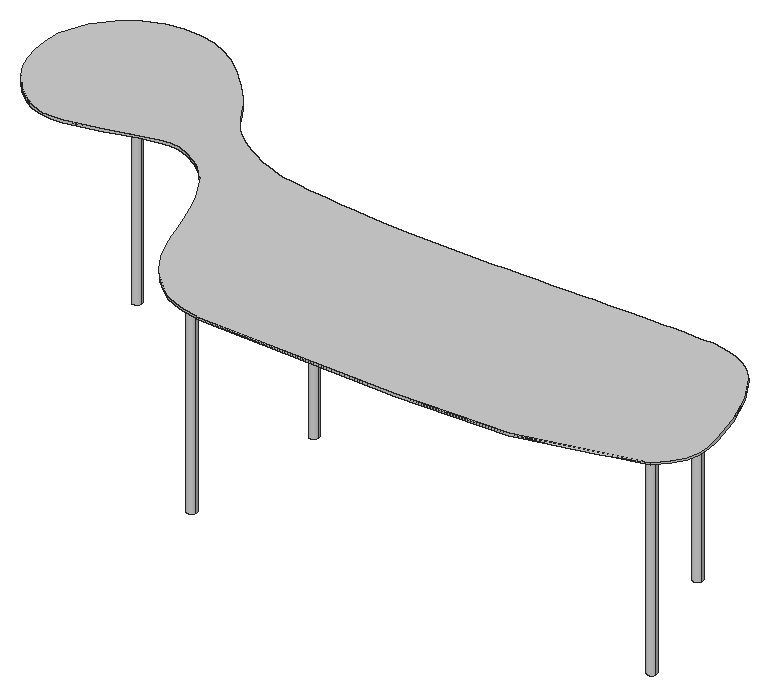
Revit family "Tortoise Shape-LivingDivani", category Furniture, Revit 2013
Parameters
  URL = "http://www.livingdivani.it"
  Model = "Rabbit & the Tortoise Collection"
  Mat. Struttura = Steel, Polished
  Manufacturer = "LivingDivani"
  Codice prodotto = "TORV113"
Reference planes (cm)
  plane 1 "Centro (Fronte/Retro)": y = 0
  plane 2: z = 0
  plane 3 "Centro (Sinistra/Destra)": x = 0
Forms (cm)
  Extrusion 1, solid, material "Steel, Polished" <- "Mat. Struttura"
    sketch origin (4.8158, 209.217, 0) x (1, 0, 0) y (0, 1, 0)
      loop
        circle (-58.9999, -188.8249) r 0.609
      loop
        circle (-25.3884, -200.0146) r 0.609
      loop
        circle (27.0041, -198.7711) r 0.609
      loop
        circle (36.0357, -218.0732) r 0.609
      loop
        circle (-25.3884, -221.3252) r 0.609
    from 0 to 27.7
  Extrusion 2, solid, material "Steel, Polished" <- "Mat. Struttura"
    sketch origin (0, 0, 0) x (1, 0, 0) y (0, 1, 0)
      loop
        spline (-67.0108, 22.8083) -> (-65.7762, 15.2073) -> (-61.1646, 9.5739) -> (-55.9477, 7.8892) -> (-50.4491, 9.0242) -> (-45.1821, 10.6758) -> (-41.6625, 11.234) -> (-37.4114, 9.5491) -> (-33.0447, 4.4147) -> (-29.9332, -2.8756) -> (-27.6137, -8.5435) -> (-24.2051, -13.0383) -> (-15.6437, -17.0065)
        spline (-15.6437, -17.0065) -> (-9.8526, -17.0707) -> (-4.9707, -17.0935) -> (-0.7076, -17.0805) -> (3.2277, -17.0376) -> (7.1258, -16.9705) -> (11.2773, -16.885) -> (15.9182, -16.769) -> (20.995, -16.5159) -> (26.3596, -15.9882) -> (31.8637, -15.0485) -> (37.3591, -13.5593) -> (42.6975, -11.383)
        spline (42.6975, -11.383) -> (44.5358, -0.6246) -> (38.2279, 10.9501) -> (29.444, 13.4895) -> (19.8138, 13.1408) -> (7.6015, 12.516) -> (-7.1492, 12.0211) -> (-20.7895, 12.3183) -> (-29.5342, 13.4637) -> (-37.7132, 17.89) -> (-43.5465, 25.2948) -> (-52.7667, 31.6231) -> (-67.0108, 22.8083)
    from 27.7 to 28
Dimensions and locks (cm)
  aligned and locked: level to plane 2
